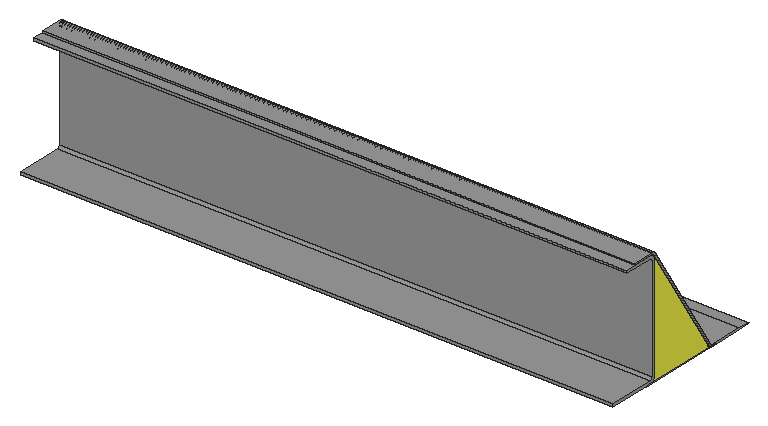
Revit family "XCFS K 150", category Generic Models, Revit 2014
Parameters (values of type "Max lintel length 4800mm")
  URL = "http://www.keystonelintels.co.uk"
  Structural Opening [instance] = 900 mm
  Structural Performance = "The Keystone lintel range has safe working loads as detailed in each applicable loading table in the Keystone Lintel Guide brochure. The structural performance figures within each table have been ascertained by testing in accordance with the requirements of standards BS EN 5977-2: 1983 and BS EN 845-2: 2003."
  RIBA Productor Selector = "available for Keystone Lintels Ltd from Keystone Lintels Ltd from ribaproductselector.com"
  Model = "XCFS/K 150"
  Min Length = 600 mm
  Min Clear Span = 300 mm
  Max Length = 4800 mm
  Max Clear Span = 4800 mm
  Material - Stainless Steel = "Grade 304 2b 1.4307 to BS EN 10088-2. Other grades available on request: contact manufacturer."
  Material - Galvanised Steel = "To BS EN 10346: 2009. DX51D plus Z600 or grade Z275 to BS 5977-2: 1983 (BS EN 845-2: 2003)."
  Manufacturer = "Keystone"
  Manufactured Length [instance] = (roundup(Effective Length / 150 mm) * 150 mm)  # 1200 mm
  Lintel height [instance] = 2100 mm
  Keynote = "F30/755"
  Fire Performance = "Keystone lintels have been subjected to a fire test (WARRES No. 101263) in accordance with BS 476-20: 1987, at Exova Warrington Fire and achieved a one hour fire performance."
  End Bearing = 150 mm
  Effective Length [instance] = Clear Opening with MIN MAX set + End Bearing * 2  # 1200 mm
  Corrosion = "Keystone’s standard range of lintels are manufactured from high quality grade pre-galvanized carbon steel with a zinc coating of 600"
  Contact Tel = "+44 (0)28 8676 2184"
  Contact Email = "info@keystonelintels.co.uk"
  Clear Opening with MIN MAX set [instance] = if(Structural Opening < Min Clear Span, Min Clear Span, (if(Structural Opening > Max Clear Span, Max Clear Span, Structural Opening)))  # 900 mm
  CPD Information = "Available for Keystone Lintels Ltd from ribacpd.com"
Reference planes
  plane 1 "Center (Front/Back)": y = 0
  plane 2: z = 0
  plane 3 "Center (Left/Right)": x = 0
  plane 4: x = -600
  plane 5: x = 600
  plane 6: z = 2100
  plane 7: x = -450
  plane 8: x = 450
Forms (mm)
  Extrusion 1, solid, material "Steel"
    sketch origin (0, 715.679, -493.091) x (0, 1, 0) y (0, 0, 1)
      loop
        line (-570.523, 2593.091) -> (-545.578, 2592.24) -> (-545.468, 2595.438) -> (-570.468, 2596.291) -> (-638.861, 2596.291)
        arc (-638.861, 2596.291) -> (-641.553, 2597.042) -> (-643.467, 2599.077) r 5.2
        line (-643.467, 2599.077) -> (-782.223, 2825.605)
        arc (-782.223, 2825.605) -> (-784.137, 2827.641) -> (-786.828, 2828.391) r 5.2
        line (-786.828, 2828.391) -> (-831.891, 2828.391) -> (-831.891, 2825.191) -> (-786.828, 2825.191)
        arc (-786.828, 2825.191) -> (-785.793, 2824.902) -> (-785.057, 2824.12) r 2
        line (-785.057, 2824.12) -> (-646.301, 2597.591)
        arc (-646.301, 2597.591) -> (-643.209, 2594.304) -> (-638.861, 2593.091) r 8.4
        line (-638.861, 2593.091) -> (-570.523, 2593.091)
    from -600 to 600
  Extrusion 2, solid, material "Steel"
    sketch origin (0, 715.679, -493.091) x (0, 1, 0) y (0, 0, 1)
      loop
        arc (-793.504, 2593.091) -> (-786.433, 2596.02) -> (-783.504, 2603.091) r 10
        line (-783.504, 2603.091) -> (-783.504, 2815.191)
        arc (-783.504, 2815.191) -> (-786.433, 2822.262) -> (-793.504, 2825.191) r 10
        line (-793.504, 2825.191) -> (-853.504, 2825.191) -> (-853.504, 2820.191) -> (-793.504, 2820.191)
        arc (-793.504, 2820.191) -> (-789.968, 2818.727) -> (-788.504, 2815.191) r 5
        line (-788.504, 2815.191) -> (-788.504, 2603.091)
        arc (-788.504, 2603.091) -> (-789.968, 2599.556) -> (-793.504, 2598.091) r 5
        line (-793.504, 2598.091) -> (-888.504, 2598.091) -> (-888.504, 2593.091) -> (-793.504, 2593.091)
    from -600 to 600
  Extrusion 3, solid, material "Steel"
    sketch origin (0, 715.679, -493.091) x (0, 1, 0) y (0, 0, 1)
      loop
        line (-802.173, 2592.091) -> (-627.142, 2592.091) -> (-627.142, 2593.091) -> (-641.673, 2593.091) -> (-644.142, 2593.091) -> (-647.878, 2600.165) -> (-648.762, 2599.698) -> (-645.273, 2593.091) -> (-802.173, 2593.091) -> (-802.173, 2592.091)
    from -600 to 600
  Extrusion 4, solid, material "Insulation"
    sketch origin (0, 715.679, -493.091) x (0, 1, 0) y (0, 0, 1)
      loop
        line (-645.273, 2593.091) -> (-648.762, 2599.698) -> (-647.751, 2599.926) -> (-644.142, 2593.091) -> (-641.673, 2593.091) -> (-638.861, 2593.091)
        arc (-638.861, 2593.091) -> (-643.209, 2594.304) -> (-646.301, 2597.591) r 8.4
        line (-646.301, 2597.591) -> (-785.057, 2824.12)
        arc (-785.057, 2824.12) -> (-785.793, 2824.902) -> (-786.828, 2825.191) r 2
        line (-786.828, 2825.191) -> (-793.504, 2825.191)
        arc (-793.504, 2825.191) -> (-786.433, 2822.262) -> (-783.504, 2815.191) r 10
        line (-783.504, 2815.191) -> (-783.504, 2603.091)
        arc (-783.504, 2603.091) -> (-786.433, 2596.02) -> (-793.504, 2593.091) r 10
        line (-793.504, 2593.091) -> (-645.273, 2593.091)
    from -600 to 600
  Extrusion 5, solid, not visible
    sketch origin (0, 1015.774, 1300.228) x (0, 1, 0) y (0, 0, 1)
      loop
        line (-570.523, 993.091) -> (-545.578, 992.24) -> (-545.468, 995.438) -> (-570.468, 996.291) -> (-638.861, 996.291)
        arc (-638.861, 996.291) -> (-641.553, 997.042) -> (-643.467, 999.077) r 5.2
        line (-643.467, 999.077) -> (-782.223, 1225.605)
        arc (-782.223, 1225.605) -> (-784.137, 1227.641) -> (-786.828, 1228.391) r 5.2
        line (-786.828, 1228.391) -> (-831.891, 1228.391) -> (-831.891, 1225.191) -> (-786.828, 1225.191)
        arc (-786.828, 1225.191) -> (-785.793, 1224.902) -> (-785.057, 1224.12) r 2
        line (-785.057, 1224.12) -> (-646.301, 997.591)
        arc (-646.301, 997.591) -> (-643.209, 994.304) -> (-638.861, 993.091) r 8.4
        line (-638.861, 993.091) -> (-570.523, 993.091)
    from 0 to 250
  Extrusion 6, solid, not visible
    sketch origin (0, 686.83, 1260.514) x (0, 1, 0) y (0, 0, 1)
      loop
        arc (-793.504, 993.091) -> (-786.433, 996.02) -> (-783.504, 1003.091) r 10
        line (-783.504, 1003.091) -> (-783.504, 1215.191)
        arc (-783.504, 1215.191) -> (-786.433, 1222.262) -> (-793.504, 1225.191) r 10
        line (-793.504, 1225.191) -> (-853.504, 1225.191) -> (-853.504, 1220.191) -> (-793.504, 1220.191)
        arc (-793.504, 1220.191) -> (-789.968, 1218.727) -> (-788.504, 1215.191) r 5
        line (-788.504, 1215.191) -> (-788.504, 1003.091)
        arc (-788.504, 1003.091) -> (-789.968, 999.556) -> (-793.504, 998.091) r 5
        line (-793.504, 998.091) -> (-888.504, 998.091) -> (-888.504, 993.091) -> (-793.504, 993.091)
    from 0 to 250
  Extrusion 7, solid, not visible
    sketch origin (0, 889.569, 1002.718) x (0, 1, 0) y (0, 0, 1)
      loop
        line (-802.173, 992.091) -> (-627.142, 992.091) -> (-627.142, 993.091) -> (-641.673, 993.091) -> (-644.142, 993.091) -> (-647.878, 1000.165) -> (-648.762, 999.698) -> (-645.273, 993.091) -> (-802.173, 993.091) -> (-802.173, 992.091)
    from 0 to 250
  Extrusion 8, solid, not visible
    sketch origin (0, 572.473, 757.06) x (0, 1, 0) y (0, 0, 1)
      loop
        line (-645.273, 993.091) -> (-648.762, 999.698) -> (-647.751, 999.926) -> (-644.142, 993.091) -> (-641.673, 993.091) -> (-638.861, 993.091)
        arc (-638.861, 993.091) -> (-643.209, 994.304) -> (-646.301, 997.591) r 8.4
        line (-646.301, 997.591) -> (-785.057, 1224.12)
        arc (-785.057, 1224.12) -> (-785.793, 1224.902) -> (-786.828, 1225.191) r 2
        line (-786.828, 1225.191) -> (-793.504, 1225.191)
        arc (-793.504, 1225.191) -> (-786.433, 1222.262) -> (-783.504, 1215.191) r 10
        line (-783.504, 1215.191) -> (-783.504, 1003.091)
        arc (-783.504, 1003.091) -> (-786.433, 996.02) -> (-793.504, 993.091) r 10
        line (-793.504, 993.091) -> (-645.273, 993.091)
    from 0 to 250
Dimensions and locks
  equal spacing: plane 4, plane 3 "Center (Left/Right)", plane 5
  "Manufactured Length": plane 4 to plane 5
  "Lintel height": plane 6 to level
  "Structural Opening": plane 7 to plane 8
  equal spacing: plane 7, plane 3 "Center (Left/Right)", plane 8
  aligned and locked: level to plane 2
  aligned and locked: Extrusion 1 to plane 6
  aligned and locked: Extrusion 4 to plane 6
  aligned and locked: plane 6 to Extrusion 3
  aligned and locked: Extrusion 2 to plane 6
  aligned and locked: plane 5 to Extrusion 2
  aligned and locked: Extrusion 2 to plane 4
  aligned and locked: plane 5 to Extrusion 1
  aligned and locked: Extrusion 1 to plane 4
  aligned and locked: plane 5 to Extrusion 4
  aligned and locked: Extrusion 4 to plane 4
  aligned and locked: plane 5 to Extrusion 3
  aligned and locked: Extrusion 3 to plane 4
Automatic sketch dimensions
  Extrusion 1 sketch curve to Extrusion 1 sketch curve = 68.338 mm
  Extrusion 1 sketch curve to Extrusion 1 sketch curve = 24.945 mm
  Extrusion 1 sketch curve to Extrusion 1 sketch curve = 0.851 mm
  Extrusion 1 sketch curve to Extrusion 1 sketch curve = 0.109 mm
  Extrusion 1 sketch curve to Extrusion 1 sketch curve = 0.055 mm
  Extrusion 1 sketch curve to Extrusion 1 sketch curve = 0 mm  (x8)
  Extrusion 1 sketch curve to Extrusion 1 sketch curve = 5.2 mm
  Extrusion 1 sketch curve to Extrusion 1 sketch curve = 7.44 mm
  Extrusion 1 sketch curve to Extrusion 1 sketch curve = 2.834 mm  (x2)
  Extrusion 1 sketch curve to Extrusion 1 sketch curve = 135.921 mm
  Extrusion 1 sketch curve to Extrusion 1 sketch curve = 228.015 mm
  Extrusion 1 sketch curve to Extrusion 1 sketch curve = 1.486 mm
  Extrusion 1 sketch curve to Extrusion 1 sketch curve = 1.771 mm
  Extrusion 1 sketch curve to Extrusion 1 sketch curve = 0.929 mm
  Extrusion 1 sketch curve to Extrusion 1 sketch curve = 45.062 mm
  Extrusion 2 sketch curve to Extrusion 2 sketch curve = 95 mm
  Extrusion 2 sketch curve to Extrusion 2 sketch curve = 5 mm  (x3)
  Extrusion 2 sketch curve to Extrusion 2 sketch curve = 212.1 mm
  Extrusion 2 sketch curve to Extrusion 2 sketch curve = 0 mm  (x8)
  Extrusion 2 sketch curve to Extrusion 2 sketch curve = 60 mm
  Extrusion 3 sketch curve to Extrusion 3 sketch curve = 175.031 mm
  Extrusion 3 sketch curve to Extrusion 3 sketch curve = 1 mm
  Extrusion 3 sketch curve to Extrusion 3 sketch curve = 14.531 mm
  Extrusion 3 sketch curve to Extrusion 3 sketch curve = 2.469 mm
  Extrusion 3 sketch curve to Extrusion 3 sketch curve = 3.736 mm
  Extrusion 3 sketch curve to Extrusion 3 sketch curve = 7.074 mm
  Extrusion 3 sketch curve to Extrusion 3 sketch curve = 0.884 mm
  Extrusion 3 sketch curve to Extrusion 3 sketch curve = 1.131 mm
  Extrusion 4 sketch curve to Extrusion 4 sketch curve = 0 mm  (x5)
  Extrusion 4 sketch curve to Extrusion 4 sketch curve = 6.676 mm
  Extrusion 4 sketch curve to Extrusion 4 sketch curve = 1.771 mm
  Extrusion 4 sketch curve to Extrusion 4 sketch curve = 10 mm  (x2)
  Extrusion 4 sketch curve to Extrusion 4 sketch curve = 134.742 mm
  Extrusion 4 sketch curve to Extrusion 4 sketch curve = 2.461 mm
  Extrusion 4 sketch curve to Extrusion 4 sketch curve = 1.028 mm
  Extrusion 4 sketch curve to Extrusion 4 sketch curve = 1.131 mm
  Extrusion 4 sketch curve to Extrusion 4 sketch curve = 2.469 mm
  Extrusion 4 sketch curve to Extrusion 4 sketch curve = 7.44 mm
  Extrusion 4 sketch curve to Extrusion 4 sketch curve = 4.5 mm
  Extrusion 4 sketch curve to Extrusion 4 sketch curve = 2.108 mm
  Extrusion 4 sketch curve to Extrusion 4 sketch curve = 3.9 mm
  Extrusion 4 sketch curve to Extrusion 4 sketch curve = 212.1 mm
  Extrusion 4 sketch curve to Extrusion 4 sketch curve = 2 mm
  Extrusion 4 sketch curve to Extrusion 4 sketch curve = 0.929 mm
  Extrusion 4 sketch curve to Extrusion 4 sketch curve = 1.011 mm
  Extrusion 4 sketch curve to Extrusion 4 sketch curve = 0.227 mm
  Extrusion 5 sketch curve to Extrusion 5 sketch curve = 68.338 mm
  Extrusion 5 sketch curve to Extrusion 5 sketch curve = 24.945 mm
  Extrusion 5 sketch curve to Extrusion 5 sketch curve = 0.851 mm
  Extrusion 5 sketch curve to Extrusion 5 sketch curve = 0.109 mm
  Extrusion 5 sketch curve to Extrusion 5 sketch curve = 0.055 mm
  Extrusion 5 sketch curve to Extrusion 5 sketch curve = 0 mm  (x8)
  Extrusion 5 sketch curve to Extrusion 5 sketch curve = 5.2 mm
  Extrusion 5 sketch curve to Extrusion 5 sketch curve = 7.44 mm
  Extrusion 5 sketch curve to Extrusion 5 sketch curve = 2.834 mm  (x2)
  Extrusion 5 sketch curve to Extrusion 5 sketch curve = 135.921 mm
  Extrusion 5 sketch curve to Extrusion 5 sketch curve = 228.015 mm
  Extrusion 5 sketch curve to Extrusion 5 sketch curve = 1.486 mm
  Extrusion 5 sketch curve to Extrusion 5 sketch curve = 1.771 mm
  Extrusion 5 sketch curve to Extrusion 5 sketch curve = 0.929 mm
  Extrusion 5 sketch curve to Extrusion 5 sketch curve = 45.062 mm
  Extrusion 6 sketch curve to Extrusion 6 sketch curve = 95 mm
  Extrusion 6 sketch curve to Extrusion 6 sketch curve = 5 mm  (x3)
  Extrusion 6 sketch curve to Extrusion 6 sketch curve = 0 mm  (x8)
  Extrusion 6 sketch curve to Extrusion 6 sketch curve = 212.1 mm
  Extrusion 6 sketch curve to Extrusion 6 sketch curve = 60 mm
  Extrusion 7 sketch curve to Extrusion 7 sketch curve = 175.031 mm
  Extrusion 7 sketch curve to Extrusion 7 sketch curve = 1 mm
  Extrusion 7 sketch curve to Extrusion 7 sketch curve = 14.531 mm
  Extrusion 7 sketch curve to Extrusion 7 sketch curve = 2.469 mm
  Extrusion 7 sketch curve to Extrusion 7 sketch curve = 3.736 mm
  Extrusion 7 sketch curve to Extrusion 7 sketch curve = 7.074 mm
  Extrusion 7 sketch curve to Extrusion 7 sketch curve = 0.884 mm
  Extrusion 7 sketch curve to Extrusion 7 sketch curve = 1.131 mm
  Extrusion 8 sketch curve to Extrusion 8 sketch curve = 0 mm  (x5)
  Extrusion 8 sketch curve to Extrusion 8 sketch curve = 6.676 mm
  Extrusion 8 sketch curve to Extrusion 8 sketch curve = 1.771 mm
  Extrusion 8 sketch curve to Extrusion 8 sketch curve = 10 mm  (x2)
  Extrusion 8 sketch curve to Extrusion 8 sketch curve = 134.742 mm
  Extrusion 8 sketch curve to Extrusion 8 sketch curve = 2.461 mm
  Extrusion 8 sketch curve to Extrusion 8 sketch curve = 1.028 mm
  Extrusion 8 sketch curve to Extrusion 8 sketch curve = 1.131 mm
  Extrusion 8 sketch curve to Extrusion 8 sketch curve = 2.469 mm
  Extrusion 8 sketch curve to Extrusion 8 sketch curve = 7.44 mm
  Extrusion 8 sketch curve to Extrusion 8 sketch curve = 4.5 mm
  Extrusion 8 sketch curve to Extrusion 8 sketch curve = 2.108 mm
  Extrusion 8 sketch curve to Extrusion 8 sketch curve = 3.9 mm
  Extrusion 8 sketch curve to Extrusion 8 sketch curve = 212.1 mm
  Extrusion 8 sketch curve to Extrusion 8 sketch curve = 2 mm
  Extrusion 8 sketch curve to Extrusion 8 sketch curve = 0.929 mm
  Extrusion 8 sketch curve to Extrusion 8 sketch curve = 1.011 mm
  Extrusion 8 sketch curve to Extrusion 8 sketch curve = 0.227 mm
  Extrusion 4 sketch curve to plane 6 = 0 mm
  plane 1 "Center (Front/Back)" to Extrusion 4 sketch curve = 77.825 mm
  Extrusion 2 sketch curve to plane 6 = 0 mm
  plane 1 "Center (Front/Back)" to Extrusion 2 sketch curve = 172.825 mm
  Extrusion 3 sketch curve to plane 6 = 0 mm
  plane 1 "Center (Front/Back)" to Extrusion 3 sketch curve = 86.494 mm
  Extrusion 1 sketch curve to plane 6 = 0 mm
  plane 1 "Center (Front/Back)" to Extrusion 1 sketch curve = 116.212 mm
